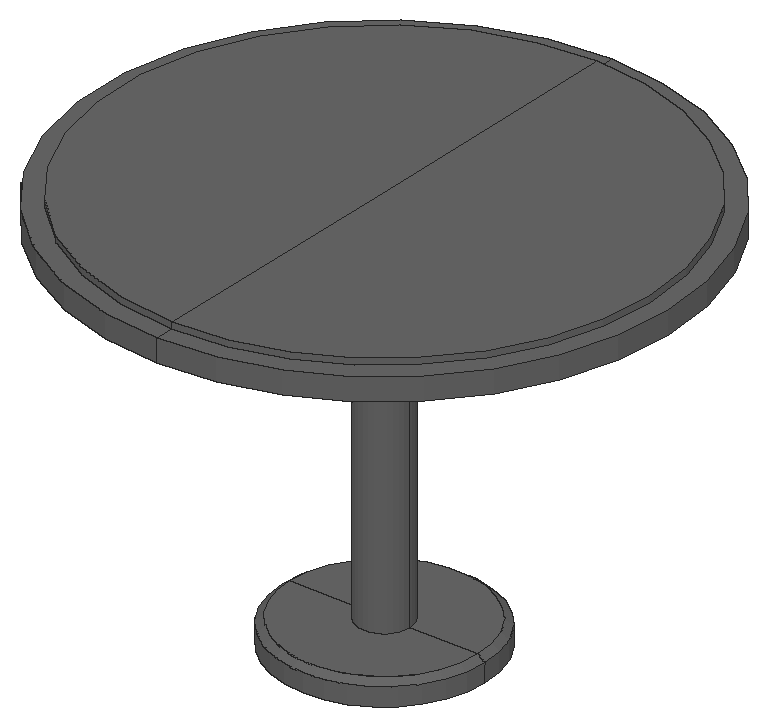
Revit family "Grohe_ShowerHead_SmartActive310_22124KF0", category Plumbing Fixtures, host Face, Revit 2020
Family settings
  Host = Face
  Round Connector Dimension = Use Diameter
  Part Type = Normal
  OmniClass Number = 23.45.05.00
  OmniClass Title = Sanitary Equipment
  Cut with Voids When Loaded = No
  Shared = No
  Room Calculation Point = No
Parameters (values of type "RAINSHOWER SMARTACTIVE 310 Head Shower Set Ceiling (22124KF0)")
  _ObjectUserGuide = "https://www.bimstore.co/products/grohe-22124KF0/document/object-user-guide"
  _DistributedBy = "https://www.bimstore.co/"
  _CurrentRevision = 1
  _CreatedBy = "https://www.bimstore.co/"
  _BimSpecGuid = 0
  _BSBibleVersion = 17
  _AuthorizedBy = "bimstore"
  _Author = "AM 147"
  Waste Connection = no
  WarrantyStartDate [instance] = "Please Record On Commissioning."
  WarrantyGuarantorParts = "info-uk@grohe.com"
  WarrantyGuarantorLabor = "info-uk@grohe.com"
  WarrantyDurationUnit = "Years"
  WarrantyDurationParts = "0"
  WarrantyDurationLabor = "0"
  WarrantyDescription = "n/a"
  Vent Connection = no
  URL = "https://www.grohe.co.uk/"
  TypeName = "RAINSHOWER SMARTACTIVE 310 Head Shower Set Ceiling"
  Type Comments = "RAINSHOWER SMARTACTIVE 310 Head Shower Set Ceiling"
  TPIDocumentLink = "https://cdn.cloud.grohe.com/tpi/100000/100000/100000/100000/100060/100064/100064365/original/100064365.pdf"
  SustainabilityReport = "green.grohe.com/reporting"
  SustainabilityAward = "green.grohe.com/awards"
  SpareParts = "info-uk@grohe.com"
  Size = "n/a"
  Shape = "n/a"
  SerialNumber [instance] = "Please Record On Commissioning."
  ReplacementCost = "n/a"
  ReferencedStandard = "n/a"
  ProductionYear = "2023"
  ProductType = "Shower Set"
  ProductShortText = "Head shower set ceiling 142 mm, 2 sprays"
  ProductPageURL = "https://www.grohe.co.uk/en_gb/-22124KF0.html"
  ProductNumber = "22124KF0"
  ProductDescription = "consisting of:\r\n\r\nhead shower Rainshower SmartActive 310\r\n\r\n2 spray patterns:\r\n\r\nGROHE PureRain, ActiveRain\r\n\r\n142 mm ceiling shower arm\r\n\r\nGROHE DreamSpray perfect spray pattern\r\n\r\nGROHE Long-Life Shine finish\r\n\r\nSpeedClean anti-limescale system\r\n\r\nInner WaterGuide for a longer life\r\n\r\nrequires rough-in set 26 483 000 or 26 484 000 - to be ordered separately"
  PrimaryMaterial = Grohe_MattBlack
  PQDiagramLink = "https://cdn.cloud.grohe.com/PQCharts/lores/2/221/original/22124KF0-pqchart-en_GB.svg"
  NominalLength = 0.0 mm
  NominalHeight = 0.0 mm
  NominalDepth = 0.0 mm
  NBSReference = "45-35-70/333"
  NBSOfficeMasterTag = "n/a"
  NBSObjectName = "Grohe - Shower heads"
  NBSNote = "n/a"
  NBSDescription = "Shower heads"
  ModelReference = "RAINSHOWER SMARTACTIVE 310 Head Shower Set Ceiling"
  ModelNumber = "22124KF0"
  Model = "RAINSHOWER SMARTACTIVE 310 Head Shower Set Ceiling"
  Material = "n/a"
  ManufacturerName = "Grohe"
  Manufacturer = "Grohe"
  Keynote = "N13"
  InstallationDate [instance] = "Please Record On Commissioning."
  IfcExportType = "IfcPipeFittingType"
  IfcExportAs = "IfcPipeFitting"
  HW Connection = yes
  Grade = "n/a"
  GROHESustainability = "green.grohe.com"
  GROHESocialCommittment = "green.grohe.com/social_engagement"
  FullRecyclabilityOfPlastic = "All plastic components are fully recyclable"
  Finish = "n/a"
  Features = "n/a"
  ExpectedLife = 0
  Ecojoy = no
  EF023686 = "not applicable"
  EF023452 = "Other"
  EF022726 = "Internal thread"
  EF022224 = "TRUE"
  EF022223 = "FALSE"
  EF022222 = "FALSE"
  EF022221 = "FALSE"
  EF022042 = "None"
  EF021480 = "TRUE"
  EF021040 = "2"
  EF015309 = 142.0 mm
  EF015301 = "TRUE"
  EF012753 = "44.0"
  EF006114 = "TRUE"
  EF002671 = "Other"
  EF001707 = "70 °C"
  EF000653 = "TRUE"
  EF000551 = 310.0 mm
  EF000443 = "Other"
  EF000303 = 0.0 mm
  EF000051 = "Cascade spout"
  EF000049 = 222.0 mm
  EF000040 = 222.0 mm
  EF000008 = 310.0 mm
  DurationUnit = "Years"
  DocumentationTechnical = "https://www.bimstore.co/products/grohe-22124KF0/document/technical-data-sheet"
  DocumentationMaintenance = "https://www.bimstore.co/products/grohe-22124KF0/document/maintenance-information"
  DocumentationLiterature = "https://www.bimstore.co/products/grohe-22124KF0/document/product-literature"
  DocumentationInstallationGuide = "https://www.bimstore.co/products/grohe-22124KF0/document/installation-guide"
  DocumentationCertificates = "https://www.bimstore.co/products/grohe-22124KF0/document/product-certificates"
  DimensionsDocumentLink = "https://cdn.cloud.grohe.com/dimdraw/100000/100000/100000/100000/100020/100021/100021692/1280/100021692.jpg"
  Description = "RAINSHOWER SMARTACTIVE 310 Head Shower Set Ceiling"
  Default Elevation = 0.0 mm
  CreatedOn = "2023-03-01T09:00:00"
  CreatedBy = "info-uk@grohe.com"
  CradleToCradleCertification = "n/a"
  Cost = 0
  Constituents = "n/a"
  Color = "Matt Black"
  CodePerformance = "n/a"
  ClassificationValue = "Pr_40_20_87_76"
  ClassificationName = "Uniclass2015"
  CW Connection = yes
  CO2NeutralProduction = "GROHE is one of the first leading manufacturer within the sanitary industry having a CO2-neutral production."
  BarCode [instance] = "Please Record On Commissioning."
  BIMObjectName = "Grohe_ShowerHead_SmartActive310_22124KF0"
  AssetType = "Fixed"
  AssetIdentifier [instance] = "n/a"
  Assembly Code = "D2010"
  AccessibilityPerformance = "n/a"
Reference planes
  plane 1 "Center (Front/Back)": y = 0
  plane 2: z = 0
  plane 3 "Center (Left/Right)": x = 0
Forms (mm)
  Revolve 1, solid, material "Grohe_MattBlack" <- "PrimaryMaterial", detail levels medium+fine
    sketch origin (35.953, 0.095, 5826.359) x (1, 0, 0) y (0, 0, 1)
      loop
        line (-61.002, -5641.045) -> (-61.002, -5680.376) -> (-49.806, -5685.111) -> (-35.953, -5685.111) -> (-35.953, -5641.045) -> (-61.002, -5641.045)
      axis (-35.953, -5641.045) -> (-35.953, -5685.111)
    angle from 0 to 360
  Revolve 2, solid, material "Grohe_MattBlack" <- "PrimaryMaterial", detail levels medium+fine
    sketch origin (0, -430.285, 155.481) x (0, 0, -1) y (0, 1, 0)
      loop
        line (-29.832, 455.702) -> (-40.992, 511.528) -> (-49.28, 585.379) -> (-61.482, 585.379) -> (-61.482, 430.379) -> (-29.832, 430.379) -> (-29.832, 455.702)
      axis (-61.482, 430.379) -> (-29.832, 430.379)
    angle from 0 to 360
  Revolve 3, solid, material "Grohe_MattBlack" <- "PrimaryMaterial", detail levels medium+fine
    sketch origin (0, -430.285, 1375.481) x (0, 0, -1) y (0, 1, 0)
      loop
        line (1158.518, 575.047) -> (1155.108, 575.047) -> (1155.108, 430.379) -> (1158.518, 430.379) -> (1158.518, 575.047)
      axis (1158.518, 430.379) -> (1155.108, 430.379)
    angle from 0 to 360
  Revolve 4, solid, material "Grohe_MattBlack" <- "PrimaryMaterial", detail levels coarse
    sketch origin (0, -430.285, 155.481) x (0, 0, -1) y (0, 1, 0)
      loop
        line (-64.892, 430.379) -> (14.234, 430.379) -> (14.234, 455.702) -> (-29.832, 455.702) -> (-49.28, 585.379) -> (-64.892, 585.379) -> (-64.892, 430.379)
      axis (14.234, 430.379) -> (-64.892, 430.379)
    angle from 0 to 360
  Revolve 5, solid, material "Grohe_MattBlack" <- "PrimaryMaterial", detail levels coarse
    sketch origin (0, 0, 0) x (0, 1, 0) y (0, 0, 1)
      loop
        line (0, 141.248) -> (-13.909, 141.248) -> (-13.909, 12.684) -> (-54.961, 12.684) -> (-54.961, 0) -> (0, 0) -> (0, 141.248)
      axis (0, 141.248) -> (0, 0)
    angle from 0 to 360
  Revolve 6, solid, material "Grohe_MattBlack" <- "PrimaryMaterial", detail levels medium+fine
    sketch origin (0, 0, 0) x (1, 0, 0) y (0, 0, 1)
      loop
        line (-13.853, 12.684) -> (-51.155, 12.684) -> (-55, 9.839) -> (-55, 0) -> (0, 0) -> (0, 141.248) -> (-13.853, 141.248) -> (-13.853, 12.684)
      axis (0, 141.248) -> (0, 0)
    angle from 0 to 360
Dimensions and locks
  aligned and locked: plane 2 to host face
  aligned and locked: level to host face
Connectors
  piping at (0, 0, 0), diameter 15
    settings: on Revolve 5, index 1, connector inside diameter 609.6 mm, connector length 0.0 mm, flow factor 0, pipe flow 0.0 L/s, pressure drop 0.0 Pa, fitting loss kfactor 0, connector angle 0.00°, fixture units 0, engagement length 0.0 mm, angle of deflection 0.00°, flow configuration 0, flow direction 1, fitting loss method 0, system type 29, joint type 0, gender type 0, connector reference index -1, connector utility 0, adjustable connector no, is connector primary yes, connector description ""
